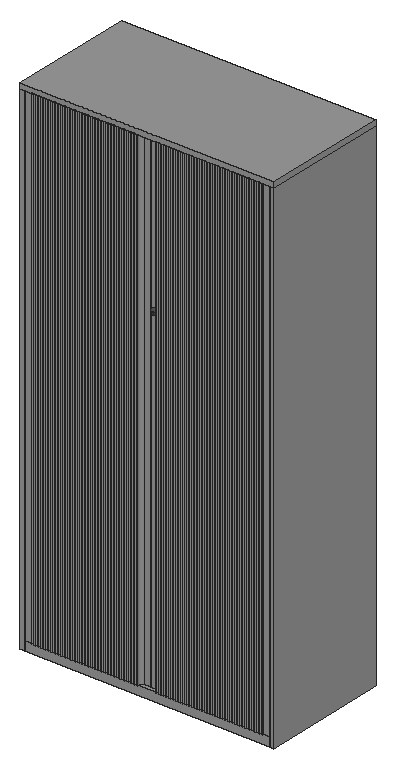
Revit family "Haworth_MSeries_Storage_TambourDoor_AP_PRELIMINARY", category Furniture Systems, Revit 2019
Family settings
  Round Connector Dimension = Use Diameter
  Part Type = Normal
  OmniClass Number = 23.40.70.14.64.21
  OmniClass Title = Systems Furniture
  Work Plane-Based = No
  Always vertical = Yes
  Cut with Voids When Loaded = No
  Shared = No
  Room Calculation Point = No
Parameters (values of type "900w 1800h")
  Width = 900 mm
  Warranty = "http://www.haworth.com/resources/product-info/warranties"
  URL - Product = "https://www.haworth.com/ap/en/products/office-drawers/m-series.html"
  Two Drawer = Actual Height > 1200 mm  # yes
  One Drawer = not(Two Drawer)  # no
  Trim Finish = Haworth _ Polymer _ Black
  Total Drawer Height = Actual Height - Bottom Case Offset - 20 mm  # 1750 mm
  Pull Finish = Haworth _ Paint _ Smooth Plaster
  Model = "STMSTXXN"  # constant formula
  Min. Width = 750 mm  # constant formula
  Max. Width = 900 mm  # constant formula
  Lock Offset Top = if(Attached 2Hi, 80 mm, if(Freestanding 2Hi, 80 mm, if(Freestanding 3Hi, 80 mm, 550 mm)))  # 550 mm
  Lock Offset Side = Drawer Width - 35 mm  # 375 mm
  Lock Finish = Haworth _ Polymer _ Black
  Glide Finish = Haworth _ Polymer _ Black
  Front Finish [instance] = Haworth _ Laminate _ Undecided _ Storage
  Freestanding 5Hi = yes
  Freestanding 3Hi = no
  Freestanding 2Hi = not(or(Freestanding 5Hi, Attached 2Hi, Freestanding 3Hi))  # no
  Drawer Width = if(Attached 2Hi, Actual Width - 70 mm, if(Freestanding 2Hi, Actual Width - 70 mm, if(Freestanding 3Hi, Actual Width - 70 mm, Actual Width / 2 - 40 mm)))  # 410 mm
  Distance Between Drawer = 2 mm  # constant formula
  Description = "Haworth - M Series - Storage - Tambour Door"  # constant formula
  URL = "https://www.haworth.com/ap/en.html"
  Size = "Verify Final Dim. w/ Haworth"  # constant formula
  Revision Number = "1"  # constant formula
  Manufacturer = "Haworth"  # constant formula
  Case Thickness = 20 mm  # constant formula
  Cabinet Finish [instance] = Haworth _ Laminate _ Undecided _ Storage
  Bottom Case Offset = 30 mm  # constant formula
  Author = "Haworth (Abd Rahman)"  # constant formula
  Attached 2Hi = no
  Assembly Code = "E2020200"
  Actual Width = if(Width > Max. Width, Max. Width, if(Width < Min. Width, Min. Width, Width))  # 900 mm
  Actual Height = if(Attached 2Hi, 693 mm, if(Freestanding 2Hi, 775 mm, if(Freestanding 3Hi, 1140 mm, 1800 mm)))  # 1800 mm
  Actual Depth = 450 mm  # constant formula
Types (4, lengths in mm): name | Width | Two Drawer | One Drawer | Total Drawer Height | Lock Offset Top | Lock Offset Side | Freestanding 5Hi | Freestanding 3Hi | Freestanding 2Hi | Drawer Width | Attached 2Hi | Actual Width | Actual Height
  750w 693h | 750 | no | yes | 643 | 80 | 645 | no | no | no | 680 | yes | 750 | 693
  800w 775h | 800 | no | yes | 725 | 80 | 695 | no | no | yes | 730 | no | 800 | 775
  900w 1140h | 900 | no | yes | 1090 | 80 | 795 | no | yes | no | 830 | no | 900 | 1140
  900w 1800h | 900 | yes | no | 1750 | 550 | 375 | yes | no | no | 410 | no | 900 | 1800
Reference planes
  plane 1 "Center F/B": y = -185.38
  plane 2: z = 0
  plane 3 "Top": z = 1800
  plane 4: x = 20.328
  plane 5: z = 1780
  plane 6: x = -429.672
  plane 7: y = 39.62
  plane 8: y = -410.38
  plane 9 "Right": x = 470.328
  plane 10: z = 30
  plane 11: y = -395.38
  plane 12: x = -414.672
  plane 13: y = 29.62
  plane 14: x = 455.328
  plane 15: y = -410.38
  plane 16: z = 1430
  plane 17: z = 1058
  plane 18: z = 1056
  plane 19: z = 1428
  plane 20: z = 1803
  plane 21: x = 455.328
Forms (mm)
  Extrusion 1, solid, material "Haworth _ Polymer _ Black" <- "Glide Finish"
    sketch origin (40.656, -370.76, 0) x (-1, 0, 0) y (0, -1, 0)
      loop
        circle (424.548, -17.932) r 12.626
      loop
        circle (424.548, -352.828) r 12.626
      loop
        circle (-383.892, -352.828) r 12.626
      loop
        circle (-383.892, -17.932) r 12.626
    from 0 to 4.695
  Extrusion 2, solid, material "Haworth _ Polymer _ Black" <- "Glide Finish"
    sketch origin (40.656, -370.76, 0) x (-1, 0, 0) y (0, -1, 0)
      loop
        circle (424.484, -18.044) r 8.072
      loop
        circle (424.484, -352.717) r 8.072
      loop
        circle (-383.828, -18.044) r 8.072
      loop
        circle (-383.828, -352.717) r 8.072
    from 4.695 to 6.195
  Extrusion 3, solid, material "Haworth _ Polymer _ Black" <- "Glide Finish"
    sketch origin (40.656, -370.76, 0) x (-1, 0, 0) y (0, -1, 0)
      loop
        circle (424.407, -18.122) r 7
      loop
        circle (424.407, -352.638) r 7
      loop
        circle (-383.751, -18.122) r 7
      loop
        circle (-383.751, -352.638) r 7
    from 6.195 to 11.255
  Extrusion 4, solid, material "Haworth _ Polymer _ Black" <- "Glide Finish"
    sketch origin (40.656, -370.76, 0) x (-1, 0, 0) y (0, -1, 0)
      loop
        circle (424.454, -18.07) r 4.781
      loop
        circle (424.454, -352.69) r 4.781
      loop
        circle (-383.798, -18.07) r 4.781
      loop
        circle (-383.798, -352.69) r 4.781
    from 11.255 to 19.525
  Extrusion 5, solid, material "Haworth _ Laminate _ Undecided _ Storage" <- "Cabinet Finish"
    sketch origin (575, -190, 0) x (1, 0, 0) y (0, 1, 0)
      loop
        line (-1004.672, 229.62) -> (-1004.672, -220.38) -> (-104.672, -220.38) -> (-104.672, 229.62) -> (-1004.672, 229.62)
    from 1780 to 1800
  Extrusion 6, solid, material "Haworth _ Laminate _ Undecided _ Storage" <- "Cabinet Finish"
    sketch origin (0, 0, 0) x (1, 0, 0) y (0, 1, 0)
      loop
        line (-429.672, 39.62) -> (-429.672, -410.38) -> (-414.672, -410.38) -> (-414.672, 29.62) -> (455.328, 29.62) -> (455.328, -410.38) -> (470.328, -410.38) -> (470.328, 39.62) -> (-429.672, 39.62)
    from 0 to 1780
  Extrusion 7, solid, material "Haworth _ Polymer _ Black" <- "Trim Finish", visible <- "Attached 2Hi"
    sketch origin (0, 0, 0) x (1, 0, 0) y (0, 1, 0)
      loop
        circle (-343.933, -15.844) r 15
      loop
        circle (384.589, -15.844) r 15
      loop
        circle (-343.933, -354.916) r 15
      loop
        circle (384.589, -354.916) r 15
    from 1800 to 1803
  Extrusion 8, solid, material "Haworth _ Laminate _ Undecided _ Storage" <- "Cabinet Finish"
    sketch origin (0, 0, 0) x (1, 0, 0) y (0, 1, 0)
      loop
        line (-414.672, -395.38) -> (-414.672, -410.38) -> (455.328, -410.38) -> (455.328, -395.38) -> (-414.672, -395.38)
    from 0 to 30
  Extrusion 9, solid, material "Haworth _ Laminate _ Undecided _ Storage" <- "Front Finish"
    sketch origin (-5, 0, 0) x (1, 0, 0) y (0, 1, 0)
      loop
        line (460.328, -395.38) -> (435.328, -395.38) -> (435.328, -410.38) -> (460.328, -410.38) -> (460.328, -395.38)
      loop
        line (-409.672, -395.38) -> (-409.672, -410.38) -> (-384.672, -410.38) -> (-384.672, -395.38) -> (-409.672, -395.38)
    from 30 to 1780
Lines and regions (mm)
  Masking region 1
    outline origin (0, 0, 0) x (1, 0, 0) y (0, 1, 0)
      loop
        line (-429.672, 39.62) -> (-429.672, -410.38) -> (470.328, -410.38) -> (470.328, 39.62) -> (-429.672, 39.62)
Dimensions and locks
  equal spacing: plane 7, plane 1 "Center F/B", plane 8
  "Actual Depth": plane 7 to plane 8
  "Actual Width": plane 6 to plane 9 "Right"
  equal spacing: plane 6, plane 4, plane 9 "Right"
  "Case Thickness": plane 3 "Top" to plane 5
  "Bottom Case Offset": plane 10 to level
  "Actual Height": plane 3 "Top" to level
  locked: plane 8 to plane 11 at 15
  locked: plane 6 to plane 12 at 15
  locked: plane 14 to plane 9 "Right" at 15
  locked: plane 7 to plane 13 at 10
  plane 11 to plane 15 = 15 mm
  "Distance Between Drawer": plane 17 to plane 18
  "Distance Between Drawer": plane 16 to plane 19
  plane 3 "Top" to plane 16 = 370 mm
  plane 19 to plane 17 = 370 mm
  locked: plane 6 to Extrusion 7 sketch curve at 85.739  (x2)
  locked: Extrusion 7 sketch curve to plane 9 "Right" at 85.739
  Extrusion 7 sketch curve to plane 9 "Right" = 85.739 mm
  locked: Extrusion 7 sketch curve to plane 8 at 55.464  (x2)
  locked: plane 7 to Extrusion 7 sketch curve at 55.464  (x2)
  locked: plane 20 to plane 3 "Top" at 3
  locked: plane 11 to Extrusion 1 sketch curve at 42.552
  locked: plane 6 to Extrusion 3 sketch curve at 45.921  (x2)
  locked: Extrusion 3 sketch curve to plane 8 at 57.742  (x2)
  locked: plane 6 to Extrusion 2 sketch curve at 45.844  (x2)
  locked: Extrusion 2 sketch curve to plane 8 at 57.663  (x2)
  locked: plane 6 to Extrusion 4 sketch curve at 45.874  (x2)
  locked: Extrusion 4 sketch curve to plane 8 at 57.69  (x2)
  Extrusion 4 to Extrusion 3 to Extrusion 2 to Extrusion 1 to plane 2 = 8.27 mm locked, 5.06 mm locked, 1.5 mm locked, 4.695 mm locked
  locked: plane 6 to Extrusion 1 sketch curve at 45.78
  locked: plane 7 to Extrusion 1 sketch curve at 57.552  (x2)
  locked: Extrusion 1 sketch curve to plane 9 "Right" at 45.78  (x2)
  locked: Extrusion 1 sketch curve to plane 8 at 57.552
  locked: plane 7 to Extrusion 2 sketch curve at 57.663  (x2)
  locked: Extrusion 2 sketch curve to plane 9 "Right" at 45.844  (x2)
  locked: plane 7 to Extrusion 3 sketch curve at 57.742  (x2)
  locked: Extrusion 3 sketch curve to plane 9 "Right" at 45.921  (x2)
  locked: plane 7 to Extrusion 4 sketch curve at 57.69  (x2)
  locked: Extrusion 4 sketch curve to plane 9 "Right" at 45.874  (x2)
  Extrusion 9 to plane 21 to plane 9 "Right" = 25 mm locked, 15 mm locked
  plane 6 to Extrusion 9 to Extrusion 9 = 15 mm locked, 25 mm locked
  aligned and locked: plane 6 to Extrusion 5 sketch curve
  aligned and locked: plane 9 "Right" to Extrusion 5 sketch curve
  aligned and locked: Extrusion 5 sketch curve to plane 7
  aligned and locked: plane 6 to Extrusion 6 sketch curve
  aligned and locked: Extrusion 6 sketch curve to plane 7
  aligned and locked: plane 9 "Right" to Extrusion 6 sketch curve
  aligned and locked: plane 14 to Extrusion 6 sketch curve
  aligned and locked: plane 13 to Extrusion 6 sketch curve
  aligned and locked: Extrusion 6 sketch curve to plane 12
  aligned and locked: plane 5 to Extrusion 6
  aligned and locked: plane 20 to Extrusion 7
  aligned and locked: Extrusion 7 to plane 3 "Top"
  aligned and locked: nested 1 to plane 4
  aligned and locked: Extrusion 6 to level
  aligned and locked: plane 5 to nested 1
  aligned and locked: plane 11 to Extrusion 8 sketch curve
  aligned and locked: plane 8 to Extrusion 8 sketch curve
  aligned and locked: plane 10 to Extrusion 8
  aligned and locked: Extrusion 8 to level
  aligned and locked: Extrusion 5 to plane 8
  aligned and locked: plane 8 to nested 1
  aligned and locked: Extrusion 6 sketch curve to plane 8
  aligned and locked: plane 8 to plane 15
  aligned and locked: plane 15 to Extrusion 6 sketch curve
  aligned and locked: Extrusion 5 to plane 5
  aligned and locked: plane 3 "Top" to Extrusion 5
  aligned and locked: nested 2 to plane 4
  aligned and locked: plane 8 to nested 2
  aligned and locked: nested 3 to plane 4
  aligned and locked: nested 3 to plane 8
  aligned and locked: nested 3 to plane 5
  aligned and locked: plane 5 to nested 2
  aligned and locked: Extrusion 8 to Extrusion 6  (x2)
  aligned and locked: plane 5 to Extrusion 9
  aligned and locked: Extrusion 9 to plane 10
  aligned and locked: plane 8 to Extrusion 9 sketch curve  (x2)
  aligned and locked: plane 11 to Extrusion 9 sketch curve  (x2)
  aligned and locked: Extrusion 9 to Extrusion 6  (x2)
  aligned and locked: Extrusion 9 to nested 3
Automatic sketch dimensions
  Masking region 1 sketch curve to plane 6 = 0 mm
  Masking region 1 sketch curve to plane 9 "Right" = 0 mm
  Masking region 1 sketch curve to plane 7 = 0 mm
  plane 8 to Masking region 1 sketch curve = 0 mm
  plane 6 to Extrusion 1 sketch curve = 45.78 mm
  Extrusion 5 sketch curve to plane 8 = 0 mm
  plane 9 "Right" to Extrusion 8 sketch curve = 15 mm
  plane 6 to Extrusion 8 sketch curve = 15 mm
  Extrusion 9 sketch curve to plane 21 = 25 mm
  plane 6 to Extrusion 9 sketch curve = 40 mm
  plane 6 to Extrusion 9 sketch curve = 15 mm
  Extrusion 9 sketch curve to plane 21 = 0 mm
  radius of Extrusion 7 sketch curve = 15 mm  (x4)
  radius of Extrusion 1 sketch curve = 12.626 mm  (x4)
  radius of Extrusion 2 sketch curve = 8.072 mm  (x4)
  radius of Extrusion 3 sketch curve = 7 mm  (x4)
  radius of Extrusion 4 sketch curve = 4.781 mm  (x4)
Nested families
  nested 1: "Haworth_MSeries_Door_Tambour-PART" at (20.328, -381.497, 30), visible <- "One Drawer", type "Haworth_Drawer"
    with Lock Offset Top 550 mm, Drawer Width 410 mm, Drawer Height 1750 mm
  nested 2: "Haworth_MSeries_Door_Tambour-PART" at (225.328, -381.497, 30), visible <- "Two Drawer", type "Haworth_Drawer - Double"
    with With Lock yes, Lock Offset Top 550 mm, Drawer Width 410 mm, Drawer Height 1750 mm
  nested 3: "Haworth_MSeries_Door_Tambour-PART" at (-184.672, -381.497, 30) x (-1, 0, 0) z (0, 0, 1), visible <- "Two Drawer", type "Haworth_Drawer - Double"
    with With Lock no, Lock Offset Top 550 mm, Drawer Width 410 mm, Drawer Height 1750 mm
Definition of nested family "Haworth_MSeries_Door_Tambour-PART"
  Parameters (values of type "Haworth_Drawer - Without Lock")
    With Lock [instance] = yes
    Warranty = "http://www.haworth.com/resources/product-info/warranties"
    URL - Product = ""
    URL = "www.haworth.com"
    Trim Finish = none
    Revision Number = "1"  # constant formula
    Pull Finish = none
    Note = "Verify Final Dim. w/ Haworth"  # constant formula
    Model = "Haworth Be_Hold"  # constant formula
    Manufacturer = "Haworth"  # constant formula
    Lock Offset Top = 150 mm
    Lock Offset Side = 15 mm  # constant formula
    Front Recess = no
    Front Finish = none
    Front Edge Finish = none
    Drawer Width = 900 mm
    Drawer Height = 500 mm
    Description = "Haworth - Be_Hold - Drawer"
    Author = "Haworth (Alias)"  # constant formula
    Assembly Code = ""
  Types (2, lengths in mm): name | Lock Offset Top | Drawer Height
    Haworth_Drawer | 30 | 304.8
    Haworth_Drawer - Without Lock | 150 | 500
  Reference planes
    plane 1 "Drawer Back": y = -6.658
    plane 2: z = 0
    plane 3 "Center L/R": x = 0
    plane 4 "Drawer Front": y = -28.883
    plane 5 "Left": x = -450
    plane 6 "Right": x = 450
    plane 7 "Top": z = 500
    plane 8 "Hardware Start": y = -9.833
    plane 9 "Lock Horizontal": z = 350
    plane 10 "2": z = 372.225
    plane 11: y = -17.771
    plane 12 "3": x = -435
  Forms (mm)
    Revolve 1, solid, material <- "Trim Finish", visible <- "With Lock"
      sketch origin (0, -0.625, 350) x (1, 0, 0) y (0, -1, 0)
        loop
          line (-435, 13.018) -> (-435, 20.159) -> (-438.973, 20.159)
          arc (-438.973, 20.159) -> (-444.022, 18.067) -> (-446.113, 13.018) r 7.14
          line (-446.113, 13.018) -> (-435, 13.018)
        axis (-435, 13.018) -> (-435, 20.159)
      angle from 0 to 360
  Lines and regions (mm)
    Masking region 1
      outline origin (0, 0, 350) x (-1, 0, 0) y (0, -1, 0)
        loop
          line (450, 9.833) -> (450, 28.883) -> (-450, 28.883) -> (-450, 9.833) -> (450, 9.833)
  Dimensions and locks
    equal spacing: plane 5 "Left", plane 3 "Center L/R", plane 6 "Right"
    "Drawer Width": plane 5 "Left" to plane 6 "Right"
    "Drawer Height": plane 7 "Top" to level
    locked: plane 1 "Drawer Back" to plane 8 "Hardware Start" at 3.175
    plane 4 "Drawer Front" to plane 1 "Drawer Back" = 22.225 mm
    plane 4 "Drawer Front" to plane 8 "Hardware Start" = 19.05 mm
    "Lock Offset Top": plane 7 "Top" to plane 9 "Lock Horizontal"
    locked: plane 10 "2" to plane 9 "Lock Horizontal" at 22.225
    equal spacing: plane 4 "Drawer Front", plane 11, plane 1 "Drawer Back"
    "Lock Offset Side": plane 12 "3" to plane 5 "Left"
    aligned and locked: plane 6 "Right" to Masking region 1 sketch curve
    aligned and locked: Masking region 1 sketch curve to plane 8 "Hardware Start"
    aligned and locked: plane 4 "Drawer Front" to Masking region 1 sketch curve
    aligned and locked: plane 5 "Left" to Masking region 1 sketch curve
    aligned and locked: nested 1 to plane 7 "Top"
    aligned and locked: plane 3 "Center L/R" to nested 1
    aligned and locked: plane 4 "Drawer Front" to nested 1
  Automatic sketch dimensions
    Revolve 1 sketch curve to plane 4 "Drawer Front" = 15.24 mm
    Revolve 1 sketch curve to plane 12 "3" = 0 mm  (x2)
    Revolve 1 sketch curve to plane 4 "Drawer Front" = 8.1 mm
    Revolve 1 sketch curve to Revolve 1 sketch curve = 3.973 mm
    Revolve 1 sketch curve to plane 11 = 2.252 mm
    Revolve 1 sketch curve to Revolve 1 sketch curve = 22.44 mm
  Nested families
    nested 1: "Haworth_MSeries_Tambour-Door-Panel_Swing" at (29.977, -18.59, 0) x (-1, 0, 0) z (0, 0, 1), type "Door"
  Definition of nested family "Haworth_MSeries_Tambour-Door-Panel_Swing"
    Parameters (values of type "Door")
      with Lock [instance] = yes
      URL = "www.haworth.com"
      Revision Number = "1"  # constant formula
      Revision Date = ""
      Pull Offset = 38.1 mm
      Lock Offset Top = 42.07 mm  # constant formula
      Lock Offset Side = 34.925 mm  # constant formula
      Linear Pull = no
      Finger Pull Location = if(Finger Pull, Door Height + 6.35 mm, 3.81 mm)  # 506.35 mm
      Finger Pull = yes
      Door Pull Location = 25.4 mm
      Door Pull Length = 203.2 mm
      Door Pull Finish = none
      Bar Pull = no
      Classic Pull = no
      Assembly Code = ""
      Pull Offset Centerline = 76.2 mm
      Pull Height Centerline = 152.4 mm
      Door Width = 900 mm
      Door Height = 500 mm
      Door Finish = none
      Door Depth = 19.05 mm
      Manufacturer = "Haworth"  # constant formula
      Author = "SHAPE Environments, LLC"  # constant formula
    Reference planes
      plane 1 "Center F/B": y = -0.768
      plane 2: z = 0
      plane 3 "Center L/R": x = 29.977
      plane 4 "Left": x = -420.023
      plane 5 "Right": x = 479.977
      plane 6 "Back": y = 8.757
      plane 7 "Front": y = -10.293
      plane 8 "Top": z = 500
      plane 9 "Pull Offset": x = 403.777
      plane 10 "Pull Height": z = 152.4
      plane 11 "Finger Pull Top": z = 500
      plane 12 "Finger Pull Bottom": z = -6.35
      plane 13: z = 457.93
      plane 14 "Lock": x = -385.098
    Forms (mm)
      Extrusion 1, solid, material <- "Door Finish"
        sketch origin (0, -0.768, 0) x (1, 0, 0) y (0, 0, 1)
          loop
            line (-420.023, 500) -> (-420.023, 0) -> (479.977, 0) -> (479.977, 500) -> (-420.023, 500)
        from -9.525 to 9.525
      Extrusion 2, void
        sketch origin (59.954, 0, 0) x (-1, 0, 0) y (0, -1, 0)
          loop
            line (-420.023, 10.293) -> (-420.023, -4.947) -> (-394.623, -4.947)
            arc (-394.623, -4.947) -> (-385.612, 4.064) -> (-394.623, 13.075) r 9.011
            line (-394.623, 13.075) -> (-404.767, 13.075)
            arc (-404.767, 13.075) -> (-403.376, 11.684) -> (-404.767, 10.293) r 1.391
            line (-404.767, 10.293) -> (-420.023, 10.293)
        from -6.35 to 500
      Extrusion 3, void
        sketch origin (0, 0, 0) x (1, 0, 0) y (0, 1, 0)
          loop
            line (-301.193, -7.092) -> (-304.394, -10.293) -> (-297.992, -10.293) -> (-301.193, -7.092)
          loop
            line (-289.189, -7.092) -> (-292.39, -10.293) -> (-285.988, -10.293) -> (-289.189, -7.092)
          loop
            line (-277.189, -7.092) -> (-280.39, -10.293) -> (-273.988, -10.293) -> (-277.189, -7.092)
          loop
            line (-265.19, -7.092) -> (-268.391, -10.293) -> (-261.989, -10.293) -> (-265.19, -7.092)
          loop
            line (-253.186, -7.092) -> (-256.387, -10.293) -> (-249.985, -10.293) -> (-253.186, -7.092)
          loop
            line (-241.187, -7.092) -> (-244.388, -10.293) -> (-237.986, -10.293) -> (-241.187, -7.092)
          loop
            line (-229.192, -7.092) -> (-232.393, -10.293) -> (-225.991, -10.293) -> (-229.192, -7.092)
          loop
            line (-217.188, -7.092) -> (-220.389, -10.293) -> (-213.987, -10.293) -> (-217.188, -7.092)
          loop
            line (-205.189, -7.092) -> (-208.39, -10.293) -> (-201.988, -10.293) -> (-205.189, -7.092)
          loop
            line (-193.19, -7.092) -> (-196.391, -10.293) -> (-189.989, -10.293) -> (-193.19, -7.092)
          loop
            line (-181.186, -7.092) -> (-184.387, -10.293) -> (-177.985, -10.293) -> (-181.186, -7.092)
          loop
            line (-169.187, -7.092) -> (-172.388, -10.293) -> (-165.986, -10.293) -> (-169.187, -7.092)
          loop
            line (-157.187, -7.092) -> (-160.388, -10.293) -> (-153.986, -10.293) -> (-157.187, -7.092)
          loop
            line (-145.184, -7.092) -> (-148.384, -10.293) -> (-141.983, -10.293) -> (-145.184, -7.092)
          loop
            line (-133.184, -7.092) -> (-136.385, -10.293) -> (-129.983, -10.293) -> (-133.184, -7.092)
          loop
            line (-121.19, -7.092) -> (-124.391, -10.293) -> (-117.989, -10.293) -> (-121.19, -7.092)
          loop
            line (-109.186, -7.092) -> (-112.387, -10.293) -> (-105.985, -10.293) -> (-109.186, -7.092)
          loop
            line (-97.186, -7.092) -> (-100.387, -10.293) -> (-93.985, -10.293) -> (-97.186, -7.092)
          loop
            line (-85.192, -7.092) -> (-88.393, -10.293) -> (-81.991, -10.293) -> (-85.192, -7.092)
          loop
            line (-73.188, -7.092) -> (-76.389, -10.293) -> (-69.987, -10.293) -> (-73.188, -7.092)
          loop
            line (-61.189, -7.092) -> (-64.39, -10.293) -> (-57.988, -10.293) -> (-61.189, -7.092)
          loop
            line (-49.189, -7.092) -> (-52.39, -10.293) -> (-45.988, -10.293) -> (-49.189, -7.092)
          loop
            line (-37.185, -7.092) -> (-40.386, -10.293) -> (-33.984, -10.293) -> (-37.185, -7.092)
          loop
            line (-25.186, -7.092) -> (-28.387, -10.293) -> (-21.985, -10.293) -> (-25.186, -7.092)
          loop
            line (-13.192, -7.092) -> (-16.393, -10.293) -> (-9.991, -10.293) -> (-13.192, -7.092)
          loop
            line (-1.188, -7.092) -> (-4.389, -10.293) -> (2.013, -10.293) -> (-1.188, -7.092)
          loop
            line (10.812, -7.092) -> (7.611, -10.293) -> (14.013, -10.293) -> (10.812, -7.092)
          loop
            line (412.368, -7.092) -> (409.168, -10.293) -> (415.569, -10.293) -> (412.368, -7.092)
          loop
            line (400.369, -7.092) -> (397.168, -10.293) -> (403.57, -10.293) -> (400.369, -7.092)
          loop
            line (388.37, -7.092) -> (385.169, -10.293) -> (391.571, -10.293) -> (388.37, -7.092)
          loop
            line (376.366, -7.092) -> (373.165, -10.293) -> (379.567, -10.293) -> (376.366, -7.092)
          loop
            line (364.367, -7.092) -> (361.166, -10.293) -> (367.568, -10.293) -> (364.367, -7.092)
          loop
            line (352.372, -7.092) -> (349.171, -10.293) -> (355.573, -10.293) -> (352.372, -7.092)
          loop
            line (340.368, -7.092) -> (337.167, -10.293) -> (343.569, -10.293) -> (340.368, -7.092)
          loop
            line (328.369, -7.092) -> (325.168, -10.293) -> (331.57, -10.293) -> (328.369, -7.092)
          loop
            line (316.37, -7.092) -> (313.169, -10.293) -> (319.571, -10.293) -> (316.37, -7.092)
          loop
            line (304.366, -7.092) -> (301.165, -10.293) -> (307.567, -10.293) -> (304.366, -7.092)
          loop
            line (292.367, -7.092) -> (289.166, -10.293) -> (295.567, -10.293) -> (292.367, -7.092)
          loop
            line (280.367, -7.092) -> (277.166, -10.293) -> (283.568, -10.293) -> (280.367, -7.092)
          loop
            line (268.363, -7.092) -> (265.162, -10.293) -> (271.564, -10.293) -> (268.363, -7.092)
          loop
            line (256.364, -7.092) -> (253.163, -10.293) -> (259.565, -10.293) -> (256.364, -7.092)
          loop
            line (244.369, -7.092) -> (241.168, -10.293) -> (247.57, -10.293) -> (244.369, -7.092)
          loop
            line (232.366, -7.092) -> (229.165, -10.293) -> (235.566, -10.293) -> (232.366, -7.092)
          loop
            line (220.366, -7.092) -> (217.165, -10.293) -> (223.567, -10.293) -> (220.366, -7.092)
          loop
            line (208.372, -7.092) -> (205.171, -10.293) -> (211.573, -10.293) -> (208.372, -7.092)
          loop
            line (196.368, -7.092) -> (193.167, -10.293) -> (199.569, -10.293) -> (196.368, -7.092)
          loop
            line (184.368, -7.092) -> (181.167, -10.293) -> (187.569, -10.293) -> (184.368, -7.092)
          loop
            line (172.369, -7.092) -> (169.168, -10.293) -> (175.57, -10.293) -> (172.369, -7.092)
          loop
            line (160.365, -7.092) -> (157.164, -10.293) -> (163.566, -10.293) -> (160.365, -7.092)
          loop
            line (148.366, -7.092) -> (145.165, -10.293) -> (151.567, -10.293) -> (148.366, -7.092)
          loop
            line (136.371, -7.092) -> (133.17, -10.293) -> (139.572, -10.293) -> (136.371, -7.092)
          loop
            line (124.367, -7.092) -> (121.167, -10.293) -> (127.568, -10.293) -> (124.367, -7.092)
          loop
            line (112.368, -7.092) -> (109.167, -10.293) -> (115.569, -10.293) -> (112.368, -7.092)
          loop
            line (21.064, -7.092) -> (17.863, -10.293) -> (24.265, -10.293) -> (21.064, -7.092)
          loop
            line (33.058, -7.092) -> (29.857, -10.293) -> (36.259, -10.293) -> (33.058, -7.092)
          loop
            line (45.062, -7.092) -> (41.861, -10.293) -> (48.263, -10.293) -> (45.062, -7.092)
          loop
            line (57.062, -7.092) -> (53.861, -10.293) -> (60.263, -10.293) -> (57.062, -7.092)
          loop
            line (103.366, -7.092) -> (100.165, -10.293) -> (106.567, -10.293) -> (103.366, -7.092)
          loop
            line (91.371, -7.092) -> (88.17, -10.293) -> (94.572, -10.293) -> (91.371, -7.092)
          loop
            line (79.367, -7.092) -> (76.167, -10.293) -> (82.568, -10.293) -> (79.367, -7.092)
          loop
            line (67.368, -7.092) -> (64.167, -10.293) -> (70.569, -10.293) -> (67.368, -7.092)
          loop
            line (-409.195, -7.092) -> (-412.396, -10.293) -> (-405.994, -10.293) -> (-409.195, -7.092)
          loop
            line (-397.196, -7.092) -> (-400.397, -10.293) -> (-393.995, -10.293) -> (-397.196, -7.092)
          loop
            line (-385.201, -7.092) -> (-388.402, -10.293) -> (-382, -10.293) -> (-385.201, -7.092)
          loop
            line (-373.198, -7.092) -> (-376.398, -10.293) -> (-369.997, -10.293) -> (-373.198, -7.092)
          loop
            line (-361.198, -7.092) -> (-364.399, -10.293) -> (-357.997, -10.293) -> (-361.198, -7.092)
          loop
            line (-349.199, -7.092) -> (-352.4, -10.293) -> (-345.998, -10.293) -> (-349.199, -7.092)
          loop
            line (-337.195, -7.092) -> (-340.396, -10.293) -> (-333.994, -10.293) -> (-337.195, -7.092)
          loop
            line (-325.196, -7.092) -> (-328.397, -10.293) -> (-321.995, -10.293) -> (-325.196, -7.092)
          loop
            line (-313.197, -7.092) -> (-316.397, -10.293) -> (-309.996, -10.293) -> (-313.197, -7.092)
          loop
            line (436.372, -7.092) -> (433.171, -10.293) -> (439.573, -10.293) -> (436.372, -7.092)
          loop
            line (424.372, -7.092) -> (421.171, -10.293) -> (427.573, -10.293) -> (424.372, -7.092)
        from -595.764 to 2817.422
    Cuts and joins
      Extrusion 2, Extrusion 3 cuts Extrusion 1
    Lines and regions (mm)
      Masking region 1
        outline origin (0, 0, 0) x (1, 0, 0) y (0, 1, 0)
          loop
            line (-420.023, 8.757) -> (-420.023, -10.293) -> (479.977, -10.293) -> (479.977, 8.757) -> (-420.023, 8.757)
      model lines
        curve 1: line (403.777, -10.293, 0) -> (414.89, -10.293, 0)
    Dimensions and locks
      "Door Height": plane 8 "Top" to level
      equal spacing: plane 6 "Back", plane 1 "Center F/B", plane 7 "Front"
      "Door Depth": plane 6 "Back" to plane 7 "Front"
      equal spacing: plane 4 "Left", plane 3 "Center L/R", plane 5 "Right"
      "Door Width": plane 4 "Left" to plane 5 "Right"
      "Pull Height Centerline": plane 10 "Pull Height" to level
      "Finger Pull Location": plane 11 "Finger Pull Top" to plane 12 "Finger Pull Bottom"
      locked: plane 2 to plane 12 "Finger Pull Bottom" at 6.35
      "Pull Offset Centerline": plane 5 "Right" to plane 9 "Pull Offset"
      "Lock Offset Side": plane 4 "Left" to plane 14 "Lock"
      "Lock Offset Top": plane 11 "Finger Pull Top" to plane 13
      aligned and locked: plane 4 "Left" to Extrusion 1 sketch curve
      aligned and locked: Extrusion 1 sketch curve to plane 5 "Right"
      aligned and locked: Extrusion 1 sketch curve to plane 8 "Top"
      aligned and locked: level to Extrusion 1 sketch curve
      aligned and locked: plane 6 "Back" to Extrusion 1
      aligned and locked: Extrusion 1 to plane 7 "Front"
      aligned and locked: plane 9 "Pull Offset" to nested 1
      aligned and locked: plane 10 "Pull Height" to nested 1
      aligned: nested 1 to plane 7 "Front"
      aligned and locked: Extrusion 1 to plane 4 "Left"
      aligned and locked: Extrusion 2 to plane 12 "Finger Pull Bottom"
      aligned and locked: plane 11 "Finger Pull Top" to Extrusion 2
      aligned and locked: nested 1 to plane 7 "Front"
    Automatic sketch dimensions
      curve 1 to plane 7 "Front" = 0 mm
      curve 1 to plane 9 "Pull Offset" = 0 mm
      curve 1 to curve 1 = 11.113 mm
      Masking region 1 sketch curve to plane 4 "Left" = 0 mm
      Masking region 1 sketch curve to plane 5 "Right" = 0 mm
      Masking region 1 sketch curve to plane 7 "Front" = 0 mm
      Masking region 1 sketch curve to plane 6 "Back" = 0 mm
      Extrusion 2 sketch curve to plane 5 "Right" = 0 mm
      Extrusion 2 sketch curve to plane 7 "Front" = 0 mm
      plane 7 "Front" to Extrusion 2 sketch curve = 2.782 mm
      plane 5 "Right" to Extrusion 2 sketch curve = 15.256 mm
      plane 6 "Back" to Extrusion 2 sketch curve = 3.81 mm
      Extrusion 2 sketch curve to Extrusion 2 sketch curve = 10.144 mm
      Extrusion 3 sketch curve to plane 7 "Front" = 0 mm  (x72)
      plane 4 "Left" to Extrusion 3 sketch curve = 7.627 mm
      Extrusion 3 sketch curve to Extrusion 3 sketch curve = 3.201 mm  (x77)
      Extrusion 3 sketch curve to Extrusion 3 sketch curve = 5.597 mm  (x33)
      plane 14 "Lock" to Extrusion 3 sketch curve = 3.305 mm
      plane 14 "Lock" to Extrusion 3 sketch curve = 0.104 mm
      Extrusion 3 sketch curve to plane 14 "Lock" = 3.097 mm
      Extrusion 3 sketch curve to Extrusion 3 sketch curve = 5.602 mm  (x23)
      plane 7 "Front" to Extrusion 3 sketch curve = 3.201 mm  (x62)
      Extrusion 3 sketch curve to Extrusion 3 sketch curve = 5.593 mm  (x9)
      Extrusion 3 sketch curve to Extrusion 3 sketch curve = 3.85 mm
      Extrusion 3 sketch curve to plane 3 "Center L/R" = 0.12 mm
      plane 3 "Center L/R" to Extrusion 3 sketch curve = 3.081 mm
      Extrusion 3 sketch curve to Extrusion 3 sketch curve = 3.905 mm
      Extrusion 3 sketch curve to Extrusion 3 sketch curve = 2.6 mm
      Extrusion 3 sketch curve to plane 9 "Pull Offset" = 3.408 mm
      Extrusion 3 sketch curve to plane 9 "Pull Offset" = 0.207 mm
      plane 9 "Pull Offset" to Extrusion 3 sketch curve = 5.39 mm
    Nested families
      nested 1: "Haworth_Door-Pulls" at (436.369, -9.525, 152.4), type "Pull", detail levels medium+fine
